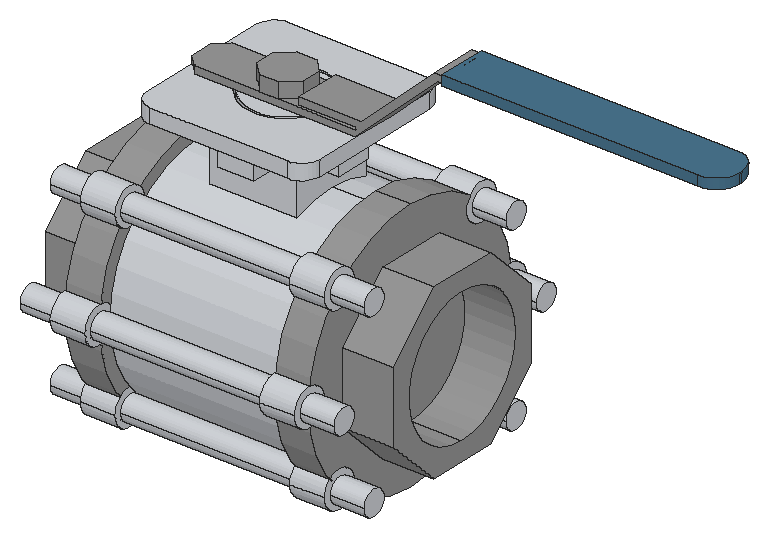
Revit family "valve-ball-3p-thd-iso-lock-lever 310AM", category Pipe Accessories, Revit 2018
Family settings
  Round Connector Dimension = Use Diameter
  Part Type = Valve - Breaks Into
  OmniClass Number = 23.60.30.11.14
  OmniClass Title = Pipework Fittings
  Work Plane-Based = No
  Always vertical = Yes
  Cut with Voids When Loaded = No
  Shared = No
Parameters
  Z4 [instance] = size_lookup(LookupTable, "Z4", 0.000", Nominal Diameter)  # 0.670"
  Weight [instance] = size_lookup(LookupTable, "Weight", "NA", Nominal Diameter)  # "24.36 lbs."
  URL = "http://www.fnw.com"
  Standards Lookup Table = "Standards"  # constant formula
  R3 [instance] = size_lookup(LookupTable, "R3", 0.000", Nominal Diameter)  # 2.930"
  Product ID Handle [instance] = size_lookup(LookupTable, "ProductIDHandle", "NA", Nominal Diameter)  # "4219321"
  Product ID [instance] = size_lookup(LookupTable, "ProductID", "NA", Nominal Diameter)  # "4106224"
  Pipe Diameter [instance] = size_lookup(Standards Lookup Table, "copper", 0.000", Nominal Diameter)  # 3.125"
  Pins [instance] = Lm / 2  # 1.465"
  Pin Length [instance] = X2 * 4 + X3  # 7.284"
  Pin Diameter [instance] = size_lookup(LookupTable, "m", 0.000", Nominal Diameter)  # 0.5625"
  Pin Bung [instance] = Pin Diameter * 1.5  # 0.84375"
  Part Number Handle [instance] = size_lookup(LookupTable, "PartNumberHandle", "NA", Nominal Diameter)  # "FNW310AMLHKLM"
  Part Number [instance] = size_lookup(LookupTable, "PartNumber", "NA", Nominal Diameter)  # "FNW310AMM"
  PIpe Radius [instance] = Pipe Diameter / 2  # 1.5625"
  NPT Insert [instance] = size_lookup(Standards Lookup Table, "NPT_insert", 0.000", Nominal Diameter)  # 1.200"
  Manufacturer = "FNW"  # constant formula
  Lm [instance] = size_lookup(LookupTable, "lm", 0.000", Nominal Diameter)  # 2.930"
  Handle_3_Down [instance] = Nominal Diameter < 3.500"  # yes
  Grip Pin4 [instance] = X3 / 2 + (X2 * 2)  # 3.642"
  Gear [instance] = D3_Half - 0.063"  # 0.942"
  Description BOM Handle [instance] = size_lookup(LookupTable, "Description_BOMHandle", "NA", Nominal Diameter)  # "2-1/2 - 3 Locking Handle Kit F/310AM-330A"
  Description BOM [instance] = size_lookup(LookupTable, "Description_BOM", "NA", Nominal Diameter)  # "3 Stainless Steel 1000# Threaded 3 Piece Full Port Isolation BV"
  Z3 [instance] = size_lookup(LookupTable, "Z3", 0.000", Nominal Diameter)  # 0.350"
  Z2 [instance] = size_lookup(LookupTable, "Z2", 0.000", Nominal Diameter)  # 0.700"
  Z1 [instance] = size_lookup(LookupTable, "Z1", 0.000", Nominal Diameter)  # 3.220"
  X3 [instance] = size_lookup(LookupTable, "X3", 0.000", Nominal Diameter)  # 4.056"
  X2 [instance] = size_lookup(LookupTable, "X2", 0.000", Nominal Diameter)  # 0.807"
  X1 [instance] = size_lookup(LookupTable, "X1", 0.000", Nominal Diameter)  # 1.200"
  Show Lever Clearance [instance] = no
  R2 [instance] = size_lookup(LookupTable, "R2", 0.000", Nominal Diameter)  # 2.64875"
  R1_Diam [instance] = R1 * 2  # 3.980"
  R1 [instance] = size_lookup(LookupTable, "R1", 0.000", Nominal Diameter)  # 1.990"
  Nominal Radius [instance] = Nominal Diameter / 2  # 1.500"
  Nominal Diameter [instance] = 3.000"
  LookupTable = "valve-ball-3p-thd-iso-lock-lever 310AM"  # constant formula
  HexAngle1 [instance] = 135.00°
  D4 [instance] = size_lookup(LookupTable, "D4", 0.000", Nominal Diameter)  # 0.750"
  D3_Half [instance] = D3 / 2  # 1.005"
  D3 [instance] = size_lookup(LookupTable, "D3", 0.000", Nominal Diameter)  # 2.010"
  D2_Half [instance] = D2 / 2  # 1.5075"
  D2 [instance] = size_lookup(LookupTable, "D2", 0.000", Nominal Diameter)  # 3.015"
  D1_Half [instance] = D1 / 2  # 2.010"
  D1 [instance] = size_lookup(LookupTable, "D1", 0.000", Nominal Diameter)  # 4.020"
  Below3in [instance] = Nominal Diameter < 3.000"  # no
  4 in handle [instance] = Nominal Diameter = 4.000"  # no
  3Up [instance] = Nominal Diameter > 2.500"  # yes
  1_Z2 [instance] = size_lookup(LookupTable, "1_Z2", 0.000", Nominal Diameter)  # 0.1644"
  1_Z1 [instance] = size_lookup(LookupTable, "1_Z1", 0.000", Nominal Diameter)  # 1.8256"
  1_Y1 [instance] = size_lookup(LookupTable, "1_Y1", 0.000", Nominal Diameter)  # 1.080"
  1_X6 [instance] = size_lookup(LookupTable, "1_X6", 0.000", Nominal Diameter)  # 0.375"
  1_X5 [instance] = size_lookup(LookupTable, "1_X5", 0.000", Nominal Diameter)  # 0.375"
  1_X4 [instance] = size_lookup(LookupTable, "1_X4", 0.000", Nominal Diameter)  # 2.010"
  1_X3 [instance] = size_lookup(LookupTable, "1_X3", 0.000", Nominal Diameter)  # 10.500"
  1_X2 [instance] = size_lookup(LookupTable, "1_X2", 0.000", Nominal Diameter)  # 1.8256"
  1_X1 [instance] = size_lookup(LookupTable, "1_X1", 0.000", Nominal Diameter)  # 4.020"
Reference planes (in)
  plane 1 "Center (Front/Back)": y = 0
  plane 2: z = 0
  plane 3 "Center (Left/Right)": x = 0
  plane 4 "X7 End": x = -4.035
  plane 5: x = -2.028
  plane 6: x = 2.028
  plane 7: x = 4.035
  plane 8 "Pipe radius": z = 1.5625
  plane 9 "NPT": x = -2.835
  plane 10: z = 1.99
  plane 11: z = 2.5
  plane 12: z = 3.22
  plane 13: z = 3.92
  plane 14 "top of pad": z = 4.27
  plane 15: x = 2.835
  plane 16: x = 2.835
  plane 17: x = -2.835
  plane 18: y = -1.465
  plane 19: z = -1.465
  plane 20: z = 1.465
  plane 21: y = 1.465
  plane 22: x = 10.098
  plane 23: x = -6.87
  plane 24: z = -2.5
  plane 25: y = 2.5
  plane 26: y = -2.5
  plane 27: y = -1.465
  plane 28: z = -1.465
  plane 29: z = 1.465
  plane 30: y = 1.465
  plane 31: through (0, 0, 0) normal (0, 0.7071, -0.7071)
  plane 32: through (0, 0, 0) normal (0, 0.7071, 0.7071)
  plane 33: y = -1.465
  plane 34: y = 1.465
  plane 35: y = -1.465
  plane 36: z = -1.465
  plane 37: z = 1.465
  plane 38: y = 1.465
  plane 39 "Pin Plane": x = -3.642
  plane 40: x = 3.642
  plane 41 "NPT 3": x = 4.035
Forms (in)
  Extrusion 1, solid, material "Stainless Steel AISI 202", not visible
    sketch origin (-2.835, 0, 0) x (0, 0, 1) y (0, -1, 0)
      loop
        circle (0, 0) r 1.5
    from 0 to 5.67
  Extrusion 2, solid, material "Stainless Steel AISI 202"
    sketch origin (1.4276, 0, 0) x (0, 0, 1) y (0, -1, 0)
      loop
        line (-0.82428, -1.99) -> (0.82428, -1.99) -> (1.99, -0.82428) -> (1.99, 0.82428) -> (0.82428, 1.99) -> (-0.82428, 1.99) -> (-1.99, 0.82428) -> (-1.99, -0.82428) -> (-0.82428, -1.99)
      loop
        circle (0, 0) r 1.5625
    from -5.4626 to 2.6074
  Extrusion 3, solid, material "Stainless Steel AISI 202"
    sketch origin (1.4276, 0, 0) x (0, 0, 1) y (0, -1, 0)
      loop
        circle (0, 0) r 2.93
    from 0.6004 to 1.4074
  Extrusion 4, solid, material "Stainless Steel AISI 202"
    sketch origin (-1.4276, 0, 0) x (0, 0, 1) y (0, 1, 0)
      loop
        circle (0, 0) r 2.93
    from 0.6004 to 1.4074
  Extrusion 5, solid
    sketch origin (-2.835, 0, 0) x (0, 0, 1) y (0, -1, 0)
      loop
        circle (0, 0) r 2.64875
      loop
        circle (0, 0) r 1.5625
    from 0.807 to 4.863
  Extrusion 6, solid
    sketch origin (0, 0, 0.865) x (-1, 0, 0) y (0, -1, 0)
      loop
        arc (1.59333, -2.01) -> (1.88796, -1.88796) -> (2.01, -1.59333) r 0.41667
        line (2.01, -1.59333) -> (2.01, 1.59333)
        arc (2.01, 1.59333) -> (1.88796, 1.88796) -> (1.59333, 2.01) r 0.41667
        line (1.59333, 2.01) -> (-1.59333, 2.01)
        arc (-1.59333, 2.01) -> (-1.88796, 1.88796) -> (-2.01, 1.59333) r 0.41667
        line (-2.01, 1.59333) -> (-2.01, -1.59333)
        arc (-2.01, -1.59333) -> (-1.88796, -1.88796) -> (-1.59333, -2.01) r 0.41667
        line (-1.59333, -2.01) -> (1.59333, -2.01)
      loop
        circle (0, 0) r 1.005
      loop
        circle (0, 0) r 0.942
    from 3.055 to 3.405
  Extrusion 7, solid
    sketch origin (0, 0, 0.865) x (-1, 0, 0) y (0, -1, 0)
      loop
        line (0.41667, -1.5075) -> (0.41667, -0.41667) -> (1.5075, -0.41667) -> (1.5075, 0.41667) -> (0.41667, 0.41667) -> (0.41667, 1.5075) -> (-0.41667, 1.5075) -> (-0.41667, 0.41667) -> (-1.5075, 0.41667) -> (-1.5075, -0.41667) -> (-0.41667, -0.41667) -> (-0.41667, -1.5075) -> (0.41667, -1.5075)
    from 2.355 to 3.055
  Extrusion 8, solid
    sketch origin (0, 0, 0.865) x (-1, 0, 0) y (0, -1, 0)
      loop
        line (1.005, -1.005) -> (1.005, 1.005) -> (-1.005, 1.005) -> (-1.005, -1.005) -> (1.005, -1.005)
    from 0.6975 to 3.055
  Extrusion 9, solid
    sketch origin (0, 0, 0.865) x (-1, 0, 0) y (0, -1, 0)
      loop
        line (0.375, -0.375) -> (0.375, 0.375) -> (-0.375, 0.375) -> (-0.375, -0.375) -> (0.375, -0.375)
    from 2.355 to 3.405
  Extrusion 10, solid, visible <- "Below3in"
    sketch origin (-2.835, 0, 0) x (0, 0, 1) y (0, -1, 0)
      loop
        circle (1.465, 1.465) r 0.28125
      loop
        circle (1.465, -1.465) r 0.28125
      loop
        circle (-1.465, -1.465) r 0.28125
      loop
        circle (-1.465, 1.465) r 0.28125
    from -0.807 to 6.477
  Extrusion 11, solid, visible <- "Below3in"
    sketch origin (-2.835, 0, 0) x (0, 0, 1) y (0, -1, 0)
      loop
        circle (1.465, -1.465) r 0.42188
      loop
        circle (1.465, 1.465) r 0.42188
      loop
        circle (-1.465, 1.465) r 0.42188
      loop
        circle (-1.465, -1.465) r 0.42188
    from 0 to 0.807
  Extrusion 12, solid, visible <- "Below3in"
    sketch origin (-2.835, 0, 0) x (0, 0, 1) y (0, -1, 0)
      loop
        circle (1.465, -1.465) r 0.42188
      loop
        circle (1.465, 1.465) r 0.42188
      loop
        circle (-1.465, 1.465) r 0.42188
      loop
        circle (-1.465, -1.465) r 0.42188
    from 4.863 to 5.67
Dimensions and locks (in)
  "PIpe Radius": plane 8 "Pipe radius" to plane 2
  "X1": plane 4 "X7 End" to plane 9 "NPT"
  "R1": Extrusion 2 sketch curve to plane 1 "Center (Front/Back)"
  "R1": plane 1 "Center (Front/Back)" to Extrusion 2 sketch curve  (x5)
  "R1": plane 2 to Extrusion 2 sketch curve  (x2)
  "R1": plane 10 to plane 2
  "Z1": plane 12 to plane 2
  "Z2": plane 13 to plane 12
  "Z3": plane 14 "top of pad" to plane 13
  "X2": plane 5 to plane 9 "NPT"
  "D1_Half": Extrusion 6 sketch curve to plane 3 "Center (Left/Right)"
  "D1_Half": plane 3 "Center (Left/Right)" to Extrusion 6 sketch curve
  "D1_Half": plane 1 "Center (Front/Back)" to Extrusion 6 sketch curve
  "D1_Half": Extrusion 6 sketch curve to plane 1 "Center (Front/Back)"
  "D3_Half": Extrusion 8 sketch curve to plane 3 "Center (Left/Right)"
  "D3_Half": plane 3 "Center (Left/Right)" to Extrusion 8 sketch curve
  "D3_Half": plane 1 "Center (Front/Back)" to Extrusion 8 sketch curve  (x2)
  "NPT Insert": plane 4 "X7 End" to plane 17
  "NPT Insert": plane 7 to plane 16
  equal spacing: Extrusion 7 sketch curve, plane 3 "Center (Left/Right)", Extrusion 7 sketch curve  (x3)
  equal spacing: Extrusion 7 sketch curve, plane 1 "Center (Front/Back)", Extrusion 7 sketch curve  (x3)
  "D2": Extrusion 7 sketch curve to Extrusion 7 sketch curve  (x2)
  Extrusion 7 sketch curve to Extrusion 7 sketch curve = 0.83333"  (x4)
  equal spacing: Extrusion 9 sketch curve, plane 1 "Center (Front/Back)", Extrusion 9 sketch curve
  "D4": Extrusion 9 sketch curve to Extrusion 9 sketch curve  (x2)
  equal spacing: Extrusion 9 sketch curve, plane 3 "Center (Left/Right)", Extrusion 9 sketch curve
  "Pins": plane 2 to plane 20
  "Pins": plane 2 to plane 19
  "Pins": plane 1 "Center (Front/Back)" to plane 18
  "Pins": plane 21 to plane 1 "Center (Front/Back)"
  equal spacing: plane 11, plane 2, plane 24
  plane 11 to plane 24 = 5.000"
  equal spacing: plane 25, plane 1 "Center (Front/Back)", plane 26
  plane 25 to plane 26 = 5.000"
  "Pins": plane 30 to plane 1 "Center (Front/Back)" to plane 27
  "Pins": plane 28 to plane 2 to plane 29
  plane 34 to plane 33 = 2.930"
  equal spacing: plane 34, plane 1 "Center (Front/Back)", plane 33
  "Lm": plane 34 to plane 33
  plane 38 to plane 35 = 2.930"
  plane 36 to plane 37 = 2.930"
  "X2": plane 15 to plane 6
  "X2": plane 17 to plane 39 "Pin Plane"
  "X2": plane 40 to plane 16
  equal spacing: plane 6, plane 3 "Center (Left/Right)", plane 5
  "X3": plane 6 to plane 5
  "X1": plane 41 "NPT 3" to plane 15
  "Grip Pin4": Extrusion 10 to plane 3 "Center (Left/Right)"
  "Lm": nested 1 to plane 1 "Center (Front/Back)"
  "Lm": plane 1 "Center (Front/Back)" to nested 2
  "Lm": nested 4 to plane 31
  "Lm": nested 3 to plane 32
  "Lm": plane 31 to nested 5
  "Lm": plane 32 to nested 6
  "Nominal Radius": radius of Extrusion 1 sketch curve
  "PIpe Radius": radius of Extrusion 2 sketch curve
  "R2": radius of Extrusion 5 sketch curve
  radius of Extrusion 6 sketch curve = 0.41667"  (x4)
  "D3_Half": radius of Extrusion 6 sketch curve
  "Gear": radius of Extrusion 6 sketch curve
  "PIpe Radius": radius of Extrusion 5 sketch curve
  "Pin Diameter": diameter of Extrusion 10 sketch curve  (x4)
  "Pin Bung": diameter of Extrusion 11 sketch curve  (x4)
  "Pin Bung": diameter of Extrusion 12 sketch curve  (x4)
  "R3": radius of Extrusion 4 sketch curve
  "R3": radius of Extrusion 3 sketch curve
  angle Extrusion 2 sketch curve to Extrusion 2 sketch curve = 135.00°  (x7)
  aligned and locked: plane 2 to level
  aligned and locked: plane 4 "X7 End" to Extrusion 2
  aligned and locked: Extrusion 3 to plane 6
  aligned and locked: Extrusion 3 to plane 15
  aligned and locked: Extrusion 4 to plane 5
  aligned and locked: Extrusion 4 to plane 9 "NPT"
  aligned and locked: Extrusion 5 to plane 6
  aligned and locked: Extrusion 5 to plane 5
  aligned and locked: Extrusion 6 to plane 13
  aligned and locked: plane 14 "top of pad" to Extrusion 6
  aligned and locked: plane 13 to Extrusion 7
  aligned and locked: Extrusion 7 to plane 12
  aligned and locked: Extrusion 8 to plane 8 "Pipe radius"
  aligned and locked: Extrusion 1 to plane 17
  aligned and locked: plane 13 to Extrusion 8
  aligned and locked: Extrusion 9 to plane 12
  aligned and locked: plane 5 to Extrusion 11
  aligned and locked: Extrusion 11 to plane 9 "NPT"
  aligned and locked: Extrusion 12 to plane 6
  aligned and locked: Extrusion 12 to Extrusion 1
  aligned and locked: plane 15 to Extrusion 12
  aligned and locked: Extrusion 3 to Extrusion 12
  aligned and locked: Extrusion 2 to plane 41 "NPT 3"
  aligned and locked: plane 2 to nested 1
  aligned and locked: plane 14 "top of pad" to Extrusion 9
  aligned and locked: Extrusion 10 to plane 39 "Pin Plane"
Automatic sketch dimensions
  Extrusion 1 sketch curve to level = 0.000"
  Extrusion 1 sketch curve to plane 1 "Center (Front/Back)" = 0.000"
  Extrusion 2 sketch curve to level = 0.000"
  Extrusion 2 sketch curve to plane 1 "Center (Front/Back)" = 0.000"
  Extrusion 3 sketch curve to level = 0.000"
  Extrusion 3 sketch curve to plane 1 "Center (Front/Back)" = 0.000"
  Extrusion 4 sketch curve to level = 0.000"
  Extrusion 4 sketch curve to plane 1 "Center (Front/Back)" = 0.000"
  Extrusion 5 sketch curve to Extrusion 5 sketch curve = 0.000"  (x2)
  Extrusion 5 sketch curve to level = 0.000"
  Extrusion 5 sketch curve to plane 1 "Center (Front/Back)" = 0.000"
  Extrusion 6 sketch curve to Extrusion 6 sketch curve = 0.000"  (x2)
  plane 1 "Center (Front/Back)" to Extrusion 6 sketch curve = 0.000"
  Extrusion 6 sketch curve to plane 3 "Center (Left/Right)" = 0.000"
  plane 19 to Extrusion 10 sketch curve = 0.000"
  Extrusion 10 sketch curve to plane 18 = 0.000"  (x2)
  Extrusion 10 sketch curve to plane 19 = 0.000"
  plane 20 to Extrusion 10 sketch curve = 0.000"
  Extrusion 10 sketch curve to plane 20 = 0.000"
  Extrusion 10 sketch curve to plane 21 = 0.000"  (x2)
  Extrusion 11 sketch curve to plane 27 = 0.000"  (x2)
  Extrusion 11 sketch curve to plane 28 = 0.000"
  plane 28 to Extrusion 11 sketch curve = 0.000"
  Extrusion 11 sketch curve to plane 29 = 0.000"
  plane 29 to Extrusion 11 sketch curve = 0.000"
  Extrusion 11 sketch curve to plane 30 = 0.000"  (x2)
  plane 31 to Extrusion 12 sketch curve = 0.000"  (x2)
  Extrusion 12 sketch curve to plane 33 = 0.000"  (x2)
  plane 32 to Extrusion 12 sketch curve = 0.000"  (x2)
  Extrusion 12 sketch curve to plane 34 = 0.000"  (x2)
Nested families (in)
  nested 1: "FB_Pin" at (-3.642, 2.93, 0) x (0, -1, 0) z (1, 0, 0), Bung Diam <- "Pin Bung", Pin Diameter <- "Pin Diameter", X2 <- "X2", X3 <- "X3", visible <- "3Up", LengthofPin <- "Pin Length", type "Family1"
    with X3 4.056", X2 0.807", Pin Diameter 0.5625", LengthofPin 7.284", Bung Diam 0.84375"
  nested 2: "FB_Pin" at (-3.642, -2.93, 0) x (0, 1, 0) z (1, 0, 0), Bung Diam <- "Pin Bung", Pin Diameter <- "Pin Diameter", X2 <- "X2", X3 <- "X3", visible <- "3Up", LengthofPin <- "Pin Length", type "Family1"
    with X3 4.056", X2 0.807", Pin Diameter 0.5625", LengthofPin 7.284", Bung Diam 0.84375"
  nested 3: "FB_Pin" at (-3.642, -2.05844, -2.08521) x (0, 1, 0) z (1, 0, 0), Bung Diam <- "Pin Bung", Pin Diameter <- "Pin Diameter", X2 <- "X2", X3 <- "X3", visible <- "3Up", LengthofPin <- "Pin Length", type "Family1"
    with X3 4.056", X2 0.807", Pin Diameter 0.5625", LengthofPin 7.284", Bung Diam 0.84375"
  nested 4: "FB_Pin" at (-3.642, 2.05844, -2.08521) x (0, -1, 0) z (1, 0, 0), Bung Diam <- "Pin Bung", Pin Diameter <- "Pin Diameter", X2 <- "X2", X3 <- "X3", visible <- "3Up", LengthofPin <- "Pin Length", type "Family1"
    with X3 4.056", X2 0.807", Pin Diameter 0.5625", LengthofPin 7.284", Bung Diam 0.84375"
  nested 5: "FB_Pin" at (-3.642, -2.05844, 2.08521) x (0, 1, 0) z (1, 0, 0), Bung Diam <- "Pin Bung", Pin Diameter <- "Pin Diameter", X2 <- "X2", X3 <- "X3", visible <- "3Up", LengthofPin <- "Pin Length", type "Family1"
    with X3 4.056", X2 0.807", Pin Diameter 0.5625", LengthofPin 7.284", Bung Diam 0.84375"
  nested 6: "FB_Pin" at (-3.642, 2.05844, 2.08521) x (0, -1, 0) z (1, 0, 0), Bung Diam <- "Pin Bung", Pin Diameter <- "Pin Diameter", X2 <- "X2", X3 <- "X3", visible <- "3Up", LengthofPin <- "Pin Length", type "Family1"
    with X3 4.056", X2 0.807", Pin Diameter 0.5625", LengthofPin 7.284", Bung Diam 0.84375"
  nested 7: "Nested Lever Lock_Blue_310AM" at (0, 0, 4.27), 1_Z2 <- "1_Z2", 1_Z1 <- "1_Z1", 1_Y1 <- "1_Y1", 1_X6 <- "1_X6", 1_X4 <- "1_X4", 1_X3 <- "1_X3", 1_X2 <- "1_X2", 1_X1 <- "1_X1", Z3 <- "Z3", D3 <- "D3", visible <- "Handle_3_Down", Show Lever Clearance <- "Show Lever Clearance", Description BOM <- "Description BOM Handle", Part Number <- "Part Number Handle", Product ID <- "Product ID Handle", type "Nested Lever Lock_Blue_310AM"
    with Z3 0.350", Z1_Z2 0.995", Void_Outer_Radius 0.6025", Void_Outer 1.205", Tab_Width 0.6025", Tab_Height_Center 0.9128", Tab Lock 0.19565", Show Lever Clearance no, Product ID "4219321", Part Number "FNW310AMLHKLM", Lock_Tab_Width 1.330", Hypotenuse_Tab_Center 1.29089", Grip_L3 0.2269", Grip_L2 0.19565", Grip_L1 0.03125", Description BOM "2-1/2 - 3 Locking Handle Kit F/310AM-330A", D3_Half 0.670", D3 2.010", Clearance Hieght 6.000", Angle Hex Head 135.00°, Ang_Constraint 39.81°, 1_Z2_Half 0.0822", 1_Z2 0.1644", 1_Z1_Quarter 0.5386", 1_Z1 1.8256", 1_Y1_Half 0.540", 1_Y1 1.080", 1_X6_Half 0.375", 1_X6 0.375", 1_X4 2.010", 1_X3_and_1__Y1_Half 11.040", 1_X3 10.500", 1_X2_Quarter 0.4564", 1_X2_Half 0.9128", 1_X2 1.8256", 1_X1 4.020", 0Grip 2.125"
  nested 8: "Nested Lever Lock_Blue_4in_310AM" at (0, 0, 4.27), Show Lever Clearance <- "Show Lever Clearance", D1_Half <- "D1_Half", 1_X3 <- "1_X3", visible <- "4 in handle", type "Nested Lever Lock_Blue_4in_310AM"
    with Z3 0.125", Z1_Z2 0.6875", Void_Outer_Radius 1.0625", Void_Outer 2.125", Tab_Width 1.0625", Tab_Height_Center 0.625", Tab Lock 0.15625", Show Lever Clearance no, Product ID "", Pipe Holder Housing Width 1.50781", Part Number "", Lock_Tab_Width 2.250", Hypotenuse_Tab_Center 0.97628", Grip_L3 0.1875", Grip_L2 0.15625", Grip_L1 0.03125", Fillet 0.410", Description BOM "", D3_Half 0.23251", D3 0.69752", D1_Half 2.010", Clearance Hieght 6.000", Center of Handle 1.59071", Angle Hex Head 135.00°, Ang_Constraint 39.81°, 1_Z5 2.35379", 1_Z4 1.59071", 1_Z2_Half 0.0625", 1_Z2 0.125", 1_Z1_Quarter 0.375", 1_Z1 1.250", 1_Y1_Half 1.000", 1_Y1 2.000", 1_X6_Half 1.000", 1_X6 1.000", 1_X4 4.000", 1_X3_and_1__Y1_Half 11.500", 1_X3 10.500", 1_X2_Quarter 0.375", 1_X2_Half 0.750", 1_X2 1.500", 1_X1 3.000", 1_R2 0.52402", 1_R1 0.44619", 0Grip 2.125"
Connectors (in)
  piping at (-2.835, 0, 0), diameter 3, driven by "Nominal Diameter"
    settings: on Extrusion 1, index 1, connector inside diameter 24", connector length 0.000", flow factor 0, pipe flow 0 GPM, pressure drop 0.00 psi, fitting loss kfactor 0, connector angle 0.00°, fixture units 0, engagement length 0.000", angle of deflection 0.00°, flow configuration 0, flow direction 0, fitting loss method 0, system type 7, joint type 0, gender type 0, connector reference index 2, connector utility 0, adjustable connector no, is connector primary yes, connector description ""
  piping at (2.835, 0, 0), diameter 3, driven by "Nominal Diameter"
    settings: on Extrusion 1, index 2, connector inside diameter 24", connector length 0.000", flow factor 0, pipe flow 0 GPM, pressure drop 0.00 psi, fitting loss kfactor 0, connector angle 0.00°, fixture units 0, engagement length 0.000", angle of deflection 0.00°, flow configuration 0, flow direction 0, fitting loss method 0, system type 7, joint type 0, gender type 0, connector reference index 1, connector utility 0, adjustable connector no, is connector primary no, connector description ""
Definition of nested family "FB_Pin"
  Parameters (values of type "Family1")
    X3 [instance] = 0.30774"
    X2 [instance] = 0.14044"
    Pin Diameter [instance] = 0.250"
    LengthofPin [instance] = 1.000"
    Default Elevation = 48.000"
    Bung Diam [instance] = 0.41382"
  Reference planes (in)
    plane 1 "Center (Front/Back)": y = 0
    plane 2: z = 0
    plane 3 "Center (Left/Right)": x = 0
    plane 4: z = 1
    plane 5 "B1": z = 0.14044
    plane 6: z = 0.28088
    plane 7 "B2": z = 0.58862
    plane 8: z = 0.72906
  Forms (in)
    Extrusion 1, solid
      sketch origin (0, 0, 0) x (1, 0, 0) y (0, 1, 0)
        loop
          line (-48, 48) -> (-48, -48) -> (48, -48) -> (48, 48) -> (-48, 48)
      from 0 to -12
    Extrusion 2, solid
      sketch origin (0, 0, 0) x (1, 0, 0) y (0, 1, 0)
        loop
          circle (0, 0) r 0.125
      from 0 to 1
    Extrusion 3, solid
      sketch origin (0, 0, 0) x (1, 0, 0) y (0, 1, 0)
        loop
          circle (0, 0) r 0.20691
      from 0.58862 to 0.72906
    Extrusion 4, solid
      sketch origin (0, 0, 0) x (1, 0, 0) y (0, 1, 0)
        loop
          circle (0, 0) r 0.20691
      from 0.14044 to 0.28088
  Lines and regions (in)
    reference lines
      curve 1: line (0, 0.6456, 0) -> (0, -0.6044, 0)
      curve 2: line (1, 0, 0) -> (-0.8237, 0, 0)
      curve 3: line (0, 0, 15.25) -> (0, 0, -1)
    model lines
      curve 4: line (0, 0, 1) -> (0, 0, 0)
  Dimensions and locks (in)
    "LengthofPin": plane 4 to plane 2
    "X2": plane 5 "B1" to plane 2
    "X2": plane 6 to plane 5 "B1"
    "X3": plane 7 "B2" to plane 6
    "X2": plane 8 to plane 7 "B2"
    "LengthofPin": curve 4 to curve 4
    "Pin Diameter": diameter of Extrusion 2 sketch curve
    "Bung Diam": diameter of Extrusion 3 sketch curve
    "Bung Diam": diameter of Extrusion 4 sketch curve
    aligned and locked: plane 2 to Extrusion 1
    aligned and locked: level to Extrusion 1
    aligned and locked: Extrusion 2 to plane 4
    aligned and locked: Extrusion 2 to plane 2
    aligned and locked: curve 4 to plane 3 "Center (Left/Right)"
    aligned and locked: plane 8 to Extrusion 3
    aligned and locked: Extrusion 3 to plane 7 "B2"
    aligned and locked: Extrusion 4 to plane 5 "B1"
    aligned and locked: plane 6 to Extrusion 4
    aligned and locked: Extrusion 1 to curve 4
  Automatic sketch dimensions
    Extrusion 1 sketch curve to Extrusion 1 sketch curve = 96.000"  (x2)
    plane 1 "Center (Front/Back)" to curve 2 = 0.000"
    curve 1 to plane 3 "Center (Left/Right)" = 0.000"
    curve 2 to plane 3 "Center (Left/Right)" = 0.8237"
    plane 3 "Center (Left/Right)" to curve 2 = 1.000"
    plane 1 "Center (Front/Back)" to curve 1 = 0.6044"
    curve 1 to plane 1 "Center (Front/Back)" = 0.6456"
    curve 3 to plane 3 "Center (Left/Right)" = 0.000"
    curve 3 to level = 1.000"
    curve 3 to plane 4 = 14.250"
    plane 1 "Center (Front/Back)" to Extrusion 2 sketch curve = 0.000"
    Extrusion 2 sketch curve to plane 3 "Center (Left/Right)" = 0.000"
    plane 1 "Center (Front/Back)" to Extrusion 3 sketch curve = 0.000"
    Extrusion 3 sketch curve to plane 3 "Center (Left/Right)" = 0.000"
    plane 1 "Center (Front/Back)" to Extrusion 4 sketch curve = 0.000"
    Extrusion 4 sketch curve to plane 3 "Center (Left/Right)" = 0.000"
Definition of nested family "Nested Lever Lock_Blue_310AM"
  Parameters (values of type "Nested Lever Lock_Blue_310AM")
    Z3 [instance] = 0.125"
    Z1_Z2 [instance] = ([1_Z1] + [1_Z2]) / 2  # 0.6875"
    Tab_Width [instance] = [1_Y1_Half] + (Grip_L1 * 2)  # 1.0625"
    Tab_Height_Center [instance] = [1_Z1] / 2  # 0.625"
    Tab Lock [instance] = [1_Z2] + 0.03125"  # 0.15625"
    Product ID [instance] = ""
    Part Number [instance] = ""
    Lock_Tab_Width [instance] = [1_Y1] + 0.250"  # 2.250"
    Hypotenuse_Tab_Center [instance] = sqrt(Tab_Height_Center ^ 2 + [1_X2_Half] ^ 2)  # 0.97628"
    Description BOM [instance] = ""
    Angle 2 = 45.00°  # constant formula
    Ang_Constraint [instance] = 39.81°  # constant formula
    1_Z2 [instance] = 0.125"
    1_Z1_Quarter [instance] = [1_Z1] / 4 + ([1_Z2_Half])  # 0.375"
    1_Z1 [instance] = 1.250"
    1_Y1_Half [instance] = [1_Y1] / 2  # 1.000"
    1_Y1 [instance] = 2.000"
    1_X6_Half [instance] = [1_X6]  # 1.000"
    1_X6 [instance] = 1.000"
    1_X2_Quarter [instance] = [1_X2] / 4  # 0.375"
    1_X2_Half [instance] = [1_X2] / 2  # 0.750"
    1_X1 [instance] = 2.500"
    1_X3_and_1__Y1_Half [instance] = [1_X3] + [1_Y1_Half]  # 13.66198"
    1_X3 [instance] = 12.66198"
    1_X2 [instance] = 1.500"
    Void_Outer_Radius [instance] = Void_Outer / 2  # 1.0625"
    Void_Outer [instance] = [1_Y1] + Grip_L1 * 4  # 2.125"
    Show Lever Clearance [instance] = yes
    Grip_L3 [instance] = Grip_L1 + Grip_L2  # 0.1875"
    Grip_L1 [instance] = 0.03125"  # constant formula
    Grip_L2 [instance] = [1_Z2] + Grip_L1  # 0.15625"
    Default Elevation = 48.000"
    D3_Half [instance] = D3 / 3  # 0.23251"
    D3 [instance] = 0.69752"
    Clearance Hieght [instance] = 6.000"  # constant formula
    Angle Hex Head [instance] = 135.00°  # constant formula
    1_X4 [instance] = 1.100"
    1_Z2_Half [instance] = [1_Z2] / 2  # 0.0625"
    0Grip [instance] = 2.125"  # constant formula
  Reference planes (in)
    plane 1 "Center (Front/Back)": y = 0
    plane 2: z = 0
    plane 3 "Center (Left/Right)": x = 0
    plane 4: z = 0.125
    plane 5: x = -1.1
    plane 6: x = 12.66198
    plane 7: y = 1
    plane 8: y = -1
    plane 9: x = 1.4
    plane 10: x = 2.9
    plane 11: z = 1.375
    plane 12: z = 1.25
    plane 13: z = 0.25
    plane 14: z = 1.40625
    plane 15: z = 1.21875
    plane 16: x = 3.05625
    plane 17: y = 1.03125
    plane 18: y = -1.03125
    plane 19: z = -1.125
    plane 20: y = 0.5
    plane 21: y = -0.5
    plane 22: x = -1.225
    plane 23: x = 2.15
    plane 24: x = 1.775
    plane 25: x = 0.23251
    plane 26: z = 0.28125
  Forms (in)
    Extrusion 1, solid
      sketch origin (0, 0, 0) x (1, 0, 0) y (0, 1, 0)
        loop
          line (-48, 48) -> (-48, -48) -> (48, -48) -> (48, 48) -> (-48, 48)
      from 0 to -12
    Extrusion 2, solid
      sketch origin (0, 0, 0) x (1, 0, 0) y (0, 0, 1)
        loop
          line (1.54878, 0.28125) -> (0.23251, 0.28125) -> (0.23251, 0.16925) -> (1.4, 0.16925) -> (1.4, 0) -> (2.94425, 1.25) -> (4.05625, 1.25) -> (4.05625, 1.375) -> (2.9, 1.375) -> (1.54878, 0.28125)
      from -1 to 1
    Extrusion 3, solid
      sketch origin (0, 0, 0) x (1, 0, 0) y (0, 1, 0)
        loop
          line (1, 0.41421) -> (0.41421, 1) -> (-0.41421, 1) -> (-1, 0.41421) -> (-1, -0.41421) -> (-0.41421, -1) -> (0.41421, -1) -> (1, -0.41421) -> (1, 0.41421)
      from 0.125 to 0.25
    Extrusion 4, solid
      sketch origin (0, 0, 0) x (1, 0, 0) y (0, 1, 0)
        loop
          line (11.66198, 1.03125) -> (3.05625, 1.03125) -> (3.05625, -1.03125) -> (11.66198, -1.03125)
          arc (11.66198, -1.03125) -> (12.36908, -0.73836) -> (12.66198, -0.03125) r 1
          line (12.66198, -0.03125) -> (12.66198, 0.03125)
          arc (12.66198, 0.03125) -> (12.36908, 0.73836) -> (11.66198, 1.03125) r 1
      from 1.21875 to 1.40625
    Extrusion 5, solid, visible <- "Show Lever Clearance"
      sketch origin (0, 0, 0) x (1, 0, 0) y (0, 1, 0)
        loop
          line (-1.1, 1) -> (-1.1, -12.66198)
          arc (-1.1, -12.66198) -> (8.56048, -8.66048) -> (12.56198, 1) r 13.66198
          line (12.56198, 1) -> (-1.1, 1)
      from 0 to 6 <- "Clearance Hieght"
    Extrusion 6, solid
      sketch origin (0, 0, 0) x (1, 0, 0) y (0, 1, 0)
        loop
          line (1.4, -1) -> (1.4, 1) -> (-0.6, 1) -> (-1.1, 0.5) -> (-1.1, -0.5) -> (-0.6, -1) -> (1.4, -1)
      from 0 to 0.125
  Cuts and joins
    joined: Extrusion 2, Extrusion 6
  Lines and regions (in)
    reference lines
      curve 1: line (0, 0, 3.39657) -> (0, 0, -1.625)
  Dimensions and locks (in)
    "1_Z2": plane 4 to plane 2
    "1_X4": plane 3 "Center (Left/Right)" to plane 5
    "1_X3": plane 6 to plane 3 "Center (Left/Right)"
    equal spacing: plane 7, plane 1 "Center (Front/Back)", plane 8
    "1_Y1": plane 7 to plane 8
    "1_X1": plane 9 to plane 5
    "1_X2": plane 10 to plane 9
    "1_Z1": plane 11 to plane 4
    "1_Z2": plane 11 to plane 12
    equal spacing: Extrusion 3 sketch curve, curve 1, Extrusion 3 sketch curve  (x4)
    "1_Y1": Extrusion 3 sketch curve to Extrusion 3 sketch curve  (x4)
    "Z3": plane 13 to plane 4
    "Grip_L1": plane 14 to plane 11
    "Grip_L2": plane 11 to plane 15
    "Grip_L2": plane 16 to plane 10
    "Grip_L1": plane 8 to plane 18
    "Grip_L1": plane 17 to plane 7
    "1_Y1_Half": plane 16 to Extrusion 2
    "1_X3_and_1__Y1_Half": Extrusion 5 sketch curve to Extrusion 5 sketch curve  (x2)
    equal spacing: Extrusion 6 sketch curve, plane 1 "Center (Front/Back)", Extrusion 6 sketch curve
    "1_Y1_Half": Extrusion 6 sketch curve to Extrusion 6 sketch curve
    equal spacing: plane 21, plane 1 "Center (Front/Back)", plane 20
    "1_Y1_Half": plane 21 to plane 20
    "1_Z2": plane 5 to plane 22
    "1_X2_Half": plane 23 to plane 9
    "1_X2_Quarter": plane 24 to plane 9
    "D3_Half": plane 25 to plane 3 "Center (Left/Right)"
    "1_Z2": Extrusion 2 sketch curve to Extrusion 2 sketch curve
    "Tab Lock": plane 26 to plane 4
    "1_Y1_Half": radius of Extrusion 4 sketch curve  (x2)
    "1_X3_and_1__Y1_Half": radius of Extrusion 5 sketch curve
    "Angle Hex Head": angle Extrusion 3 sketch curve to Extrusion 3 sketch curve  (x6)
    "Angle 2": angle plane 5 to Extrusion 6 sketch curve
    "Angle 2": angle Extrusion 6 sketch curve to plane 5
    aligned and locked: plane 2 to Extrusion 1
    aligned and locked: level to Extrusion 1
    aligned and locked: plane 10 to Extrusion 2 sketch curve
    aligned and locked: plane 12 to Extrusion 2 sketch curve
    aligned and locked: plane 11 to Extrusion 2 sketch curve
    aligned and locked: curve 1 to plane 3 "Center (Left/Right)"
    aligned and locked: plane 4 to Extrusion 3
    aligned and locked: Extrusion 3 to plane 13
    aligned and locked: Extrusion 4 sketch curve to plane 16
    aligned and locked: Extrusion 4 sketch curve to plane 18
    aligned and locked: plane 17 to Extrusion 4 sketch curve
    aligned and locked: Extrusion 4 to plane 15
    aligned and locked: Extrusion 4 to plane 14
    aligned and locked: Extrusion 2 to plane 8
    aligned and locked: plane 7 to Extrusion 2
    aligned and locked: Extrusion 2 sketch curve to plane 9
    aligned and locked: plane 9 to Extrusion 6 sketch curve
    aligned and locked: Extrusion 6 sketch curve to plane 5
    aligned and locked: Extrusion 6 to plane 4
    aligned and locked: Extrusion 2 sketch curve to plane 25
    aligned and locked: Extrusion 2 to plane 26
  Automatic sketch dimensions
    Extrusion 1 sketch curve to Extrusion 1 sketch curve = 96.000"  (x2)
    plane 19 to curve 1 = 0.500"
    plane 14 to curve 1 = 1.99032"
    Extrusion 2 sketch curve to plane 26 = 0.000"
    Extrusion 2 sketch curve to level = 0.000"
    plane 16 to Extrusion 2 sketch curve = 1.000"
    Extrusion 2 sketch curve to plane 4 = 0.04425"
    Extrusion 4 sketch curve to plane 6 = 0.000"
    Extrusion 5 sketch curve to plane 5 = 0.000"
    Extrusion 5 sketch curve to plane 7 = 0.000"
    Extrusion 6 sketch curve to plane 8 = 0.000"
    Extrusion 6 sketch curve to plane 7 = 0.000"
Definition of nested family "Nested Lever Lock_Blue_4in_310AM"
  Parameters (values of type "Nested Lever Lock_Blue_4in_310AM")
    Z3 [instance] = 0.125"
    Z1_Z2 [instance] = ([1_Z1] + [1_Z2]) / 2  # 0.6875"
    Tab_Width [instance] = [1_Y1_Half] + (Grip_L1 * 2)  # 1.0625"
    Tab_Height_Center [instance] = [1_Z1] / 2  # 0.625"
    Tab Lock [instance] = [1_Z2] + 0.03125"  # 0.15625"
    Product ID [instance] = ""
    Pipe Holder Housing Width [instance] = 1.50781"  # constant formula
    Part Number [instance] = ""
    Lock_Tab_Width [instance] = [1_Y1] + 0.250"  # 2.250"
    Hypotenuse_Tab_Center [instance] = sqrt(Tab_Height_Center ^ 2 + [1_X2_Half] ^ 2)  # 0.97628"
    Fillet [instance] = 0.410"
    Description BOM [instance] = ""
    D1_Half [instance] = 1.58759"
    Center of Handle [instance] = 1.59071"
    Angle 2 = 45.00°  # constant formula
    Ang_Constraint [instance] = 39.81°  # constant formula
    1_Z5 [instance] = 2.35379"
    1_Z4 [instance] = 1.59071"
    1_Z2 [instance] = 0.125"
    1_Z1_Quarter [instance] = [1_Z1] / 4 + ([1_Z2_Half])  # 0.375"
    1_Z1 [instance] = 1.250"
    1_Y1_Half [instance] = [1_Y1] / 2  # 1.000"
    1_Y1 [instance] = 2.000"
    1_X6_Half [instance] = [1_X6]  # 1.000"
    1_X6 [instance] = 1.000"
    1_X2_Quarter [instance] = [1_X2] / 4  # 0.375"
    1_X2_Half [instance] = [1_X2] / 2  # 0.750"
    1_X1 [instance] = 3.000"  # constant formula
    1_X3_and_1__Y1_Half [instance] = [1_X3] + [1_Y1_Half]  # 13.66198"
    1_X3 [instance] = 12.66198"
    1_X2 [instance] = 1.500"
    Void_Outer_Radius [instance] = Void_Outer / 2  # 1.0625"
    Void_Outer [instance] = [1_Y1] + Grip_L1 * 4  # 2.125"
    Show Lever Clearance [instance] = yes
    Grip_L3 [instance] = Grip_L1 + Grip_L2  # 0.1875"
    Grip_L1 [instance] = 0.03125"  # constant formula
    Grip_L2 [instance] = [1_Z2] + Grip_L1  # 0.15625"
    Default Elevation = 48.000"
    D3_Half [instance] = D3 / 3  # 0.23251"
    D3 [instance] = 0.69752"
    Clearance Hieght [instance] = 6.000"  # constant formula
    Angle Hex Head [instance] = 135.00°  # constant formula
    1_X4 [instance] = 4.000"  # constant formula
    1_Z2_Half [instance] = [1_Z2] / 2  # 0.0625"
    1_R2 [instance] = 0.52402"
    1_R1 [instance] = 0.44619"
    0Grip [instance] = 2.125"  # constant formula
  Reference planes (in)
    plane 1 "Center (Front/Back)": y = 0
    plane 2: z = 0
    plane 3 "Center (Left/Right)": x = 0
    plane 4: z = 0.125
    plane 5: y = 1
    plane 6: y = -1
    plane 7: z = 0.25
    plane 8: y = 1.03125
    plane 9: y = -1.03125
    plane 10: y = 0.5
    plane 11: y = -0.5
    plane 12: x = 2.15
    plane 13: z = 0.28125
    plane 14: x = 1.58759
    plane 15: x = -1.58759
    plane 16: x = -0.75294
    plane 17: x = 0.74706
    plane 18: z = 2.35379
    plane 19: z = 2.0369
    plane 20: z = 2.11473
    plane 21: z = 1.59071
    plane 22: x = -3.75294
    plane 23: x = 12.66198
    plane 24: x = 8.66198
  Forms (in)
    Extrusion 1, solid
      sketch origin (0, 0, 0) x (1, 0, 0) y (0, 1, 0)
        loop
          line (-48, 48) -> (-48, -48) -> (48, -48) -> (48, 48) -> (-48, 48)
      from 0 to -12
    Extrusion 2, solid, visible <- "Show Lever Clearance"
      sketch origin (0, 0, 0) x (1, 0, 0) y (0, 1, 0)
        loop
          line (-1.1, 1) -> (-1.1, -12.66198)
          arc (-1.1, -12.66198) -> (8.56048, -8.66048) -> (12.56198, 1) r 13.66198
          line (12.56198, 1) -> (-1.1, 1)
      from 0 to 6 <- "Clearance Hieght"
    Revolve 3, solid
      sketch origin (0, 0, 0) x (1, 0, 0) y (0, 0, 1)
        loop
          line (-3.75294, 1.59071) -> (-0.75294, 1.59071) -> (-0.75294, 2.11473) -> (-3.75294, 2.11473) -> (-3.75294, 1.59071)
        loop
          line (8.66198, 1.59071) -> (12.66198, 1.59071) -> (12.66198, 2.11473) -> (8.66198, 2.11473) -> (8.66198, 1.59071)
        axis (12.66198, 1.59071) -> (-3.75294, 1.59071)
      angle from 0 to 360
    Revolve 4, solid
      sketch origin (0, 0, 0) x (1, 0, 0) y (0, 0, 1)
        loop
          line (-0.75294, 2.0369) -> (0.74706, 2.0369) -> (0.74706, 2.35379) -> (-0.75294, 2.35379) -> (-0.75294, 2.0369)
        axis (-0.75294, 1.59071) -> (0.74706, 1.59071)
      angle from 0 to 360
    Extrusion 5, solid
      sketch origin (0, 0, 0) x (1, 0, 0) y (0, 1, 0)
        loop
          arc (-1.17759, 1.58759) -> (-1.4675, 1.4675) -> (-1.58759, 1.17759) r 0.41
          line (-1.58759, 1.17759) -> (-1.58759, -1.17759)
          arc (-1.58759, -1.17759) -> (-1.4675, -1.4675) -> (-1.17759, -1.58759) r 0.41
          line (-1.17759, -1.58759) -> (1.17759, -1.58759)
          arc (1.17759, -1.58759) -> (1.4675, -1.4675) -> (1.58759, -1.17759) r 0.41
          line (1.58759, -1.17759) -> (1.58759, 1.17759)
          arc (1.58759, 1.17759) -> (1.4675, 1.4675) -> (1.17759, 1.58759) r 0.41
          line (1.17759, 1.58759) -> (-1.17759, 1.58759)
      from 0.125 to 0.25
    Extrusion 6, solid
      sketch origin (0, 0, 0) x (1, 0, 0) y (0, 1, 0)
        loop
          line (-0.75, 0.75) -> (-0.75, -0.75) -> (0.75, -0.75) -> (0.75, 0.75) -> (-0.75, 0.75)
      from 0.25 to 1.59071
    Revolve 7, solid
      sketch origin (0, 0, 0) x (1, 0, 0) y (0, 0, 1)
        loop
          line (0.74706, 2.0369) -> (0.74706, 1.59071) -> (8.66198, 1.59071) -> (8.66198, 2.0369) -> (0.74706, 2.0369)
        axis (0.74706, 1.59071) -> (8.66198, 1.59071)
      angle from 0 to 360
  Cuts and joins
    joined: Revolve 4, Extrusion 6
  Lines and regions (in)
    reference lines
      curve 1: line (0, 0, 3.39657) -> (0, 0, -1.625)
  Dimensions and locks (in)
    "1_Z2": plane 4 to plane 2
    equal spacing: plane 5, plane 1 "Center (Front/Back)", plane 6
    "1_Y1": plane 5 to plane 6
    "Z3": plane 7 to plane 4
    "Grip_L1": plane 6 to plane 9
    "Grip_L1": plane 8 to plane 5
    "1_X3_and_1__Y1_Half": Extrusion 2 sketch curve to Extrusion 2 sketch curve  (x2)
    equal spacing: plane 11, plane 1 "Center (Front/Back)", plane 10
    "1_Y1_Half": plane 11 to plane 10
    "Tab Lock": plane 13 to plane 4
    "1_Z4": plane 21 to plane 2
    "1_X2": plane 17 to plane 16
    "1_X1": plane 16 to plane 22
    "1_X4": plane 24 to plane 23
    "1_X3": plane 3 "Center (Left/Right)" to plane 23
    "1_R1": plane 19 to plane 21
    "1_R2": plane 20 to plane 21
    "1_Z5": plane 18 to plane 2
    "D1_Half": plane 3 "Center (Left/Right)" to plane 15
    "D1_Half": Extrusion 5 sketch curve to plane 3 "Center (Left/Right)"
    "D1_Half": plane 3 "Center (Left/Right)" to Extrusion 5 sketch curve
    "D1_Half": plane 1 "Center (Front/Back)" to Extrusion 5 sketch curve
    "D1_Half": Extrusion 5 sketch curve to plane 1 "Center (Front/Back)"
    equal spacing: Extrusion 6 sketch curve, plane 3 "Center (Left/Right)", Extrusion 6 sketch curve
    equal spacing: Extrusion 6 sketch curve, plane 1 "Center (Front/Back)", Extrusion 6 sketch curve
    "1_X2": Extrusion 6 sketch curve to Extrusion 6 sketch curve  (x2)
    "1_X3_and_1__Y1_Half": radius of Extrusion 2 sketch curve
    "Fillet": radius of Extrusion 5 sketch curve  (x4)
    aligned and locked: plane 2 to Extrusion 1
    aligned and locked: level to Extrusion 1
    aligned and locked: curve 1 to plane 3 "Center (Left/Right)"
    aligned and locked: plane 21 to Revolve 3 sketch curve
    aligned and locked: Revolve 3 sketch curve to plane 22
    aligned and locked: plane 20 to Revolve 3 sketch curve  (x2)
    aligned and locked: Revolve 3 sketch curve to plane 16
    aligned and locked: Revolve 3 sketch curve to plane 24
    aligned and locked: plane 23 to Revolve 3 sketch curve
    aligned and locked: Revolve 4 sketch curve to plane 21
    aligned and locked: Revolve 4 sketch curve to plane 18
    aligned and locked: plane 16 to Revolve 4 sketch curve
    aligned and locked: plane 17 to Revolve 4 sketch curve
    aligned and locked: plane 19 to Revolve 4 sketch curve
    aligned and locked: plane 4 to Extrusion 5
    aligned and locked: Extrusion 5 to plane 7
    aligned and locked: plane 7 to Extrusion 6
    aligned and locked: plane 21 to Extrusion 6
    aligned and locked: Revolve 3 sketch curve to plane 21  (x2)
    aligned and locked: Revolve 7 sketch curve to plane 21  (x2)
    aligned and locked: plane 24 to Revolve 7 sketch curve
    aligned and locked: Revolve 7 sketch curve to plane 17
    aligned and locked: plane 19 to Revolve 7 sketch curve
  Automatic sketch dimensions
    Extrusion 1 sketch curve to Extrusion 1 sketch curve = 96.000"  (x2)
    curve 1 to plane 13 = 3.11532"
    curve 1 to level = 1.625"
    Revolve 4 sketch curve to plane 16 = 0.21768"
    plane 12 to Revolve 4 sketch curve = 0.37938"
    plane 22 to Revolve 3 sketch curve = 1.60085"
    Revolve 3 sketch curve to Revolve 3 sketch curve = 0.14915"
    plane 17 to Revolve 7 sketch curve = 0.23982"
    Revolve 7 sketch curve to Revolve 7 sketch curve = 3.92263"
    Extrusion 2 sketch curve to plane 5 = 0.000"
    Extrusion 2 sketch curve to plane 16 = 0.34706"
